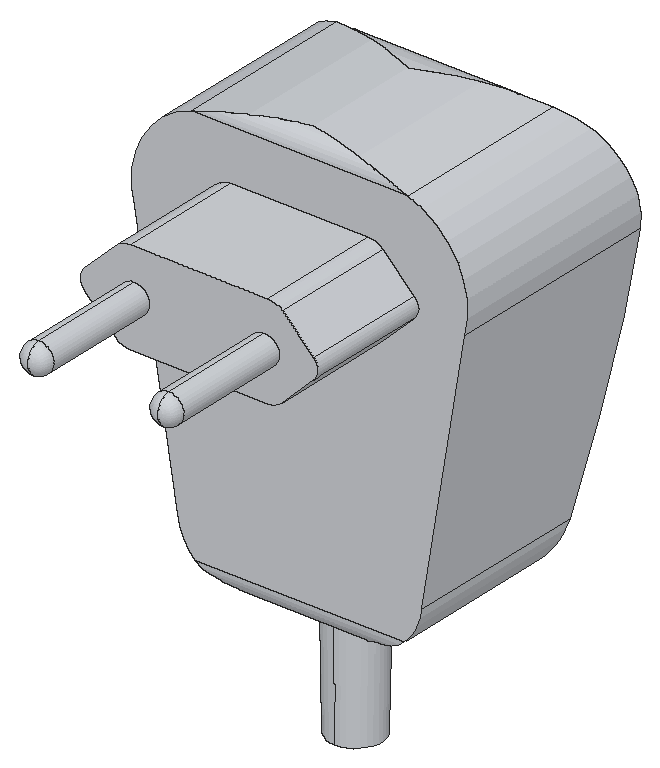
Revit family "PRD_FrankeWS_WshbsnTps_Plug-inPowerSupplyUnit_ACEX9002", category Electrical Fixtures, Revit 2018
Family settings
  Maintain Annotation Orientation = No
  Round Connector Dimension = Use Diameter
  Part Type = Normal
  OmniClass Number = 23.80.50.14
  OmniClass Title = Plug Connectors
  Work Plane-Based = No
  Always vertical = No
  Cut with Voids When Loaded = No
  Shared = No
  Room Calculation Point = No
Parameters (values of type "ACEX9002")
  WarrantyStartDate [instance] = "1900-12-31T23:59:59"
  WarrantyGuarantorParts = "n/a"
  WarrantyGuarantorLabor = "n/a"
  WarrantyDurationUnit = "year"
  WarrantyDurationParts = "n/a"
  WarrantyDurationLabor = "n/a"
  WarrantyDescription = "n/a"
  Version = "1"
  Uniclass2015Version = "Products v1.23"
  Uniclass2015Title = "Washbasin taps"
  Uniclass2015Code = "Pr_40_20_87_98"
  URL = "www.kwc.com"
  TypeOfBatteries = "n/a"
  TailorMade = "n/a"
  TagNumber [instance] = "n/a"
  SustainabilityPerformance = "n/a"
  Size = "n/a"
  Shape = "n/a"
  SerialNumber [instance] = "n/a"
  Revision = "n/a"
  ReplacementCost = "n/a"
  RatedVoltage = 240 V
  RatedCurrent = 0 A
  ProtectiveSystemIP = "n/a"
  ProductInformation = "https://pim.kwc.com/product/2030039823/attachment/datasheet?locale=en"
  ProductCode = "230.0582.366"
  PowerSwitch = "No"
  PowerFactor = 1
  OutputVoltageUom = "DC"
  OutputVoltage = "6.75 Volt"
  NumberOfPoles = 0
  NumberOfBatteries = "n/a"
  NominalWidth = 48.00 mm
  NominalHeight = 63.00 mm
  NominalFrequencyRange = 0 Hz
  NominalDepth = 0.00 mm
  NetWeight = 0.08 kg
  Name = "Plug-in power supply unit ACEX9002"
  NBSTypeID = "n/a"
  NBSReference = "45-35-70/371"
  NBSOfficeMasterTag = "n/a"
  NBSNote = "n/a"
  NBSDescription = "Taps and water supply fittings for washbasins and troughs"
  NBSCertification = "n/a"
  ModelReference = "ACEX9002"
  ModelNumber = "2030039823"
  Model = ModelReference  # "ACEX9002"
  Material = "n/a"
  ManufacturerURL = "www.kwc.com"
  ManufacturerName = "KWC Group AG"  # constant formula
  Manufacturer = ManufacturerName  # "KWC Group AG"
  IntegralAccessories = "n/a"
  InsulationStandardClass = "n/a"
  InstallationDate [instance] = "1900-12-31T23:59:59"
  IfcExportType = "USERDEFINED"
  IfcExportAs = "IfcDistributionElement"
  IP_Code = "n/a"
  IK_Code = "n/a"
  HasProtectiveEarth = "0"
  GrossWeight = 0.085 kg
  Grade = "n/a"
  Finish = "n/a"
  Features = "EU male connector"
  ExpectedLife = "n/a"
  DurationUnit = "year"
  Description = "Plug-in power supply with EU male connector, 100-240 V AC - 6.75 V DC."
  CreatedOn = "05/2022"  # constant formula
  Constituents = "n/a"
  ConductorFunction = "n/a"
  CompatibleA3000 = "No"
  Communication = "No"
  Color = "n/a"
  CodePerformance = "n/a"
  Category = "Pr_40_20_87_98, Washbasin taps"
  BarCode [instance] = "n/a"
  BIMObjectName = "PRD_AR_WashbasinTaps_Plug-inPowerSupplyUnit_ACEX9002"
  Author = "Archispace"  # constant formula
  AssetType = "Fixed"
  AssetIdentifier [instance] = "n/a"
  AccessibilityPerformance = "n/a"
Reference planes
  plane 1 "Center (Front/Back)": y = 0
  plane 2: z = 0
  plane 3 "Center (Left/Right)": x = 0
Forms (mm)
  Extrusion 1, solid, detail levels fine
    sketch origin (0, 0, 0.123) x (1, 0, 0) y (0, 0, 1)
      loop
        arc (-23.682, 45.331) -> (-19.699, 26.835) -> (-17.482, 8.045) r 200
        arc (-17.482, 8.045) -> (-15.728, 3.729) -> (-11.765, 1.281) r 7.5
        arc (-11.765, 1.281) -> (0, -0.123) -> (11.765, 1.281) r 50
        arc (11.765, 1.281) -> (15.728, 3.729) -> (17.482, 8.045) r 7.5
        arc (17.482, 8.045) -> (19.699, 26.835) -> (23.682, 45.331) r 200
        arc (23.682, 45.331) -> (22.579, 54.513) -> (15.467, 60.425) r 12.5
        arc (15.467, 60.425) -> (0, 62.877) -> (-15.467, 60.425) r 50
        arc (-15.467, 60.425) -> (-22.579, 54.513) -> (-23.682, 45.331) r 12.5
    from -22.485 to 11.56
  Extrusion 2, void
    sketch origin (0, 0, 0) x (0, 1, 0) y (0, 0, 1)
      loop
        arc (17.353, 55.937) -> (20.131, 28.801) -> (12.326, 2.663) r 70.001
        arc (12.326, 2.663) -> (10.486, 0.717) -> (7.906, 0) r 5
        line (7.906, 0) -> (-8.56, 0)
        arc (-8.56, 0) -> (-10.681, 0.879) -> (-11.56, 3) r 3
        line (-11.56, 3) -> (-11.56, -2.767) -> (25.354, -2.767) -> (25.354, 65.5) -> (-11.56, 65.5) -> (-11.56, 60.5)
        arc (-11.56, 60.5) -> (-10.827, 62.268) -> (-9.06, 63) r 2.5
        line (-9.06, 63) -> (7.794, 63)
        arc (7.794, 63) -> (13.737, 61.043) -> (17.353, 55.937) r 10
    from -29.053 to 27.984
  Extrusion 3, solid, detail levels fine
    sketch origin (0, 0, 0) x (1, 0, 0) y (0, 0, 1)
      loop
        arc (-16.386, 47.914) -> (-16.972, 46.5) -> (-16.386, 45.086) r 2
        line (-16.386, 45.086) -> (-11.929, 40.629)
        arc (-11.929, 40.629) -> (-10.955, 39.978) -> (-9.807, 39.75) r 3
        line (-9.807, 39.75) -> (9.807, 39.75)
        arc (9.807, 39.75) -> (10.955, 39.978) -> (11.929, 40.629) r 3
        line (11.929, 40.629) -> (16.386, 45.086)
        arc (16.386, 45.086) -> (16.972, 46.5) -> (16.386, 47.914) r 2
        line (16.386, 47.914) -> (11.929, 52.371)
        arc (11.929, 52.371) -> (10.955, 53.022) -> (9.807, 53.25) r 3
        line (9.807, 53.25) -> (-9.807, 53.25)
        arc (-9.807, 53.25) -> (-10.955, 53.022) -> (-11.929, 52.371) r 3
        line (-11.929, 52.371) -> (-16.386, 47.914)
    from 11.56 to 29.56
  Revolve 4, solid, detail levels fine
    sketch origin (-9.313, 0, 0) x (0, 1, 0) y (0, 0, 1)
      loop
        line (-29.56, 46.5) -> (-48.656, 46.5)
        arc (-48.656, 46.5) -> (-48.117, 45.007) -> (-46.66, 44.377) r 2
        line (-46.66, 44.377) -> (-29.56, 44.377) -> (-29.56, 46.5)
      axis (-29.56, 46.5) -> (-48.656, 46.5)
    angle from 0 to 360
  Revolve 5, solid, detail levels fine
    sketch origin (9.313, 0, 0) x (0, 1, 0) y (0, 0, -1)
      loop
        line (-29.56, -46.5) -> (-29.56, -44.377) -> (-46.66, -44.377)
        arc (-46.66, -44.377) -> (-48.117, -45.007) -> (-48.656, -46.5) r 2
        line (-48.656, -46.5) -> (-29.56, -46.5)
      axis (-29.56, -46.5) -> (-48.656, -46.5)
    angle from 0 to 360
  Revolve 6, solid, detail levels fine
    sketch origin (0, 0, 0) x (0, 1, 0) y (0, 0, 1)
      loop
        line (-1.56, -18.123) -> (-1.56, 0.903) -> (-6.56, 0.903) -> (-6.56, -0.637) -> (-5.56, -2.369) -> (-5.31, -18.123) -> (-1.56, -18.123)
      axis (-1.56, 0.903) -> (-1.56, -18.123)
    angle from 0 to 360
  Extrusion 7, solid, detail levels coarse+medium
    sketch origin (0, 0, 0) x (1, 0, 0) y (0, 1, 0)
      loop
        line (-24.1, 20.615) -> (-24.1, -11.56) -> (24.1, -11.56) -> (24.1, 20.615) -> (-24.1, 20.615)
    from 0 to 63
Cuts and joins
  Extrusion 2 cuts Extrusion 1
  joined: Extrusion 1, Revolve 6
Dimensions and locks
  aligned and locked: level to plane 2
